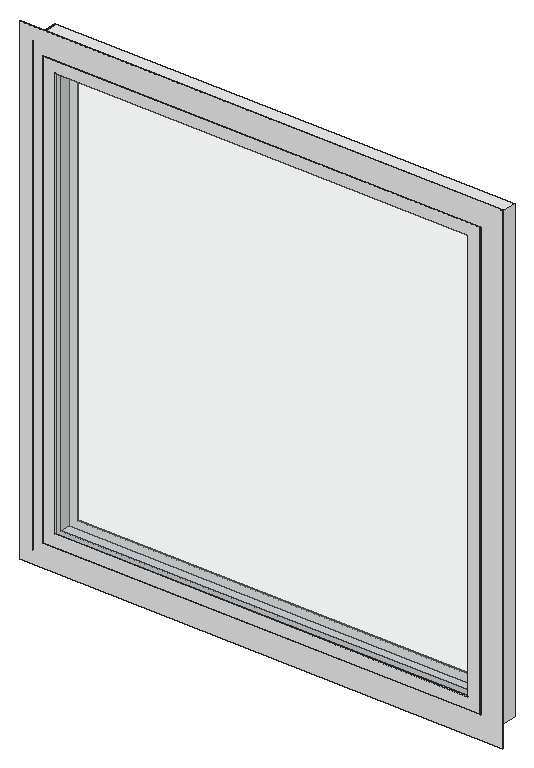
Revit family "Casement_30.5_B_Top_Hung_Custom", category Windows, host Wall, Revit 2014
Parameters (values of type "Casement_Sash_DG")
  Width Sash [instance] = 30 mm
  Width Sash Inner = 15 mm
  Width Bead = 15 mm
  Top Hung [instance] = yes
  Side Hung Right [instance] = yes
  Side Hung Left [instance] = yes
  Sash Opening Width [instance] = 600 mm
  Sash Opening Height [instance] = 600.312 mm
  Sash Lip = 15 mm
  Glazing Material [instance] = Glass
  DG Start Piece 2 [instance] = DG End Piece 1 + DG Gasket Thickness  # 25 mm
  DG Start Peice 1 [instance] = (Depth Sash - (2 * DG Glazing Thickness) - DG Gasket Thickness) / 2  # 6.6 mm
  Glazing Offset = 5 mm
  DG Glazing Thickness [instance] = 6.4 mm
  DG Gasket Thickness = 12 mm  # constant formula
  DG Gasket Material [instance] = none
  DG End Piece 2 [instance] = DG Start Piece 2 + DG Glazing Thickness  # 31.4 mm
  DG End Piece 1 [instance] = DG Start Peice 1 + DG Glazing Thickness  # 13 mm
  Depth Sash [instance] = 38 mm
  Center Vertical Sash [instance] = Sash Opening Height / 2  # 300.156 mm
  Center Horizontal Sash [instance] = Sash Opening Width / 2  # 300 mm
  Bottom Hung [instance] = yes
  Bead Offset = 15 mm
  Aluminium Thickness = 1 mm
  Aluminium Material [instance] = White Powder Coated Aluminium
Reference planes
  plane 1 "Center (Front/Back)": y = 0
  plane 2: z = 0
  plane 3 "Center (Left/Right)": x = 0
Forms (mm)
  Sweep 1, solid, material "White Powder Coated Aluminium" <- "Aluminium Material"
    path origin (16.177, 0, 121.331) x (1, 0, 0) y (0, 0, 1)
      loop
        line (0, 0) -> (600, 0) -> (600, 600.312) -> (0, 600.312) -> (0, 0)
    profile origin (316.177, 0, 121.331) x (0, 0, 1) y (0, -1, 0)
      loop
        line (0, 0) -> (30, 0) -> (30, 1) -> (15, 1) -> (15, 38) -> (-15, 38) -> (-15, 37) -> (0, 37) -> (0, 0)
      loop
        line (14, 1) -> (14, 37) -> (1, 37) -> (1, 1) -> (14, 1)
  Sweep 2, solid, material "White Powder Coated Aluminium" <- "Aluminium Material"
    path origin (0, 0, 0) x (1, 0, 0) y (0, 0, 1)
      loop
        line (31.177, 706.643) -> (31.177, 136.331) -> (601.177, 136.331) -> (601.177, 706.643) -> (31.177, 706.643)
    profile origin (316.177, 0, 706.643) x (0, 0, 1) y (0, -1, 0)
      loop
        line (0, 37) -> (0, 38) -> (-15, 38) -> (-15, 37) -> (0, 37)
  Extrusion 3, solid, material "Glass" <- "Glazing Material"
    sketch origin (0, 0, 0) x (1, 0, 0) y (0, 0, 1)
      loop
        line (36.177, 701.643) -> (36.177, 141.331) -> (596.177, 141.331) -> (596.177, 701.643) -> (36.177, 701.643)
    from 6.6 <- "DG Start Peice 1" to 13 <- "DG End Piece 1"
  Extrusion 4, solid, material "Glass" <- "Glazing Material"
    sketch origin (0, 0, 0) x (1, 0, 0) y (0, 0, 1)
      loop
        line (36.177, 701.643) -> (36.177, 141.331) -> (596.177, 141.331) -> (596.177, 701.643) -> (36.177, 701.643)
    from 31.4 <- "DG End Piece 2" to 25 <- "DG Start Piece 2"
  Sweep 5, solid, material <- "DG Gasket Material"
    path origin (0, -13, 0) x (1, 0, 0) y (0, 0, 1)
      loop
        line (36.177, 701.643) -> (36.177, 141.331) -> (596.177, 141.331) -> (596.177, 701.643) -> (36.177, 701.643)
    profile origin (316.177, -13, 701.643) x (0, 0, 1) y (0, -1, 0)
      loop
        line (0, 0) -> (0, 12) -> (-7.96, 12) -> (-7.96, 0) -> (0, 0)
Lines and regions (mm)
  model lines
    curve 1: line (1.177, -38, 736.643) -> (31.177, -38, 706.643)
    curve 2: line (601.177, -38, 706.643) -> (631.177, -38, 736.643)
    curve 3: line (601.177, -38, 136.331) -> (631.177, -38, 106.331)
    curve 4: line (1.177, -38, 106.331) -> (31.177, -38, 136.331)
    curve 5: line (631.177, -37, 736.643) -> (616.177, -37, 721.643)
    curve 6: line (1.177, -37, 736.643) -> (16.177, -37, 721.643)
    curve 7: line (1.177, -37, 106.331) -> (16.177, -37, 121.331)
    curve 8: line (631.177, -37, 106.331) -> (616.177, -37, 121.331)
    curve 9: line (616.177, 0, 121.331) -> (586.177, 0, 151.331)
    curve 10: line (46.177, 0, 151.331) -> (16.177, 0, 121.331)
    curve 11: line (616.177, 0, 721.643) -> (586.177, 0, 691.643)
    curve 12: line (46.177, 0, 691.643) -> (16.177, 0, 721.643)
    curve 13: line (31.177, -38, 691.643) -> (46.177, -38, 691.643)
    curve 14: line (586.177, -38, 691.643) -> (601.177, -38, 691.643)
    curve 15: line (586.177, -38, 151.331) -> (601.177, -38, 151.331)
    curve 16: line (31.177, -38, 151.331) -> (46.177, -38, 151.331)
  model lines, style "GenericModelHiddenLines", visible <- "Top Hung"
    curve 17: line (46.386, -31.4, 690.914) -> (316.177, -31.4, 151.331)
    curve 18: line (316.177, -31.4, 151.331) -> (586.177, -31.4, 691.331)
  model lines, style "GenericModelHiddenLines", visible <- "Bottom Hung"
    curve 19: line (46.177, -31.4, 151.331) -> (316.177, -31.4, 691.331)
    curve 20: line (316.177, -31.4, 691.331) -> (586.177, -31.4, 151.331)
  model lines, style "GenericModelHiddenLines", visible <- "Side Hung Left"
    curve 21: line (46.386, -31.4, 690.914) -> (585.24, -31.4, 421.487)
    curve 22: line (585.24, -31.4, 421.487) -> (46.177, -31.4, 151.331)
  model lines, style "GenericModelHiddenLines", visible <- "Side Hung Right"
    curve 23: line (586.177, -31.4, 691.331) -> (46.177, -31.4, 421.487)
    curve 24: line (46.177, -31.4, 421.487) -> (586.177, -31.4, 151.331)
Dimensions and locks
  "Aluminium Thickness": Sweep 1 sketch curve to Sweep 1 sketch curve  (x4)
  "Depth Sash": Sweep 1 sketch curve to Sweep 1 sketch curve
  "Sash Opening Width": Sweep 1 to Sweep 1
  "Sash Opening Height": Sweep 1 to Sweep 1
  "Width Sash": Sweep 1 sketch curve to Sweep 1 sketch curve  (x2)
  "Width Sash Inner": Sweep 1 sketch curve to Sweep 1 sketch curve
  "Sash Lip": Sweep 1 sketch curve to Sweep 1 sketch curve
  "Aluminium Thickness": Sweep 1 to Sweep 2 sketch curve
  "Glazing Offset": Sweep 2 to Extrusion 3 sketch curve  (x3)
  "Glazing Offset": Extrusion 3 sketch curve to Sweep 2
  Sweep 1 to Sweep 1 = 1 mm
  "Aluminium Thickness": Sweep 2 sketch curve to Sweep 2 sketch curve
  "Width Bead": Sweep 2 sketch curve to Sweep 2 sketch curve
  locked: Sweep 5 sketch curve to Sweep 5 sketch curve at 7.96
  "Center Horizontal Sash": Sweep 1 to curve 18
  "Center Horizontal Sash": Sweep 1 to curve 20
  "Center Vertical Sash": Sweep 1 to curve 22
  "Center Vertical Sash": Sweep 1 to curve 24
  aligned and locked: level to plane 2
  aligned and locked: Sweep 1 sketch curve to Sweep 1 sketch curve  (x2)
  aligned and locked: Sweep 2 sketch curve to Sweep 1  (x5)
  aligned and locked: Extrusion 4 sketch curve to Extrusion 3  (x4)
  aligned and locked: Sweep 5 sketch curve to Extrusion 3  (x5)
  aligned and locked: Extrusion 3 to Sweep 5 sketch curve
Automatic sketch dimensions
  plane 3 "Center (Left/Right)" to Sweep 1 sketch curve = 16.177 mm
  level to Sweep 1 sketch curve = 121.331 mm
  plane 3 "Center (Left/Right)" to Sweep 1 sketch curve = 616.177 mm
  level to Sweep 1 sketch curve = 721.643 mm
  profile plane to Sweep 5 sketch curve = 12 mm
  curve 7 to Sweep 1 = 0 mm  (x4)
  curve 6 to Sweep 1 = 0 mm  (x3)
  Sweep 1 to curve 6 = 0 mm
  curve 5 to Sweep 1 = 0 mm  (x3)
  curve 8 to Sweep 1 = 0 mm  (x4)
  Sweep 1 to curve 5 = 0 mm
  curve 16 to Sweep 2 = 0 mm  (x3)
  curve 13 to Sweep 2 = 0 mm  (x3)
  curve 15 to Sweep 2 = 0 mm
  Sweep 2 to curve 15 = 0 mm  (x2)
  curve 14 to Sweep 2 = 0 mm  (x2)
  Sweep 2 to curve 14 = 0 mm
  curve 1 to Sweep 1 = 0 mm  (x4)
  curve 4 to Sweep 1 = 0 mm  (x3)
  Sweep 1 to curve 4 = 0 mm
  curve 3 to Sweep 1 = 0 mm  (x3)
  curve 2 to Sweep 1 = 0 mm  (x4)
  Sweep 1 to curve 3 = 0 mm
  curve 10 to Sweep 1 = 0 mm  (x4)
  curve 12 to Sweep 1 = 0 mm  (x3)
  Sweep 1 to curve 12 = 0 mm
  curve 9 to Sweep 1 = 0 mm  (x4)
  curve 11 to Sweep 1 = 0 mm  (x3)
  Sweep 1 to curve 11 = 0 mm
  Sweep 1 sketch curve to plane 1 "Center (Front/Back)" = 0 mm
  profile plane to Sweep 1 sketch curve = 0 mm
  curve 21 to Extrusion 4 = 10.208 mm
  curve 19 to Extrusion 4 = 10 mm
  curve 23 to Extrusion 4 = 10 mm  (x2)
  curve 22 to Extrusion 4 = 10.937 mm
  curve 20 to Extrusion 4 = 10 mm
  curve 24 to Extrusion 4 = 10 mm
  curve 22 to Extrusion 4 = 10 mm
  curve 18 to Extrusion 4 = 10 mm
  curve 21 to Extrusion 4 = 10.729 mm
  curve 19 to Extrusion 4 = 10.312 mm
  curve 18 to Extrusion 4 = 10.312 mm
